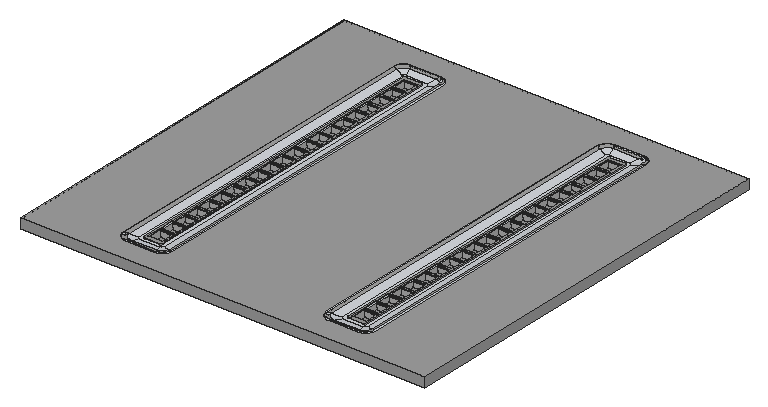
Revit family "0044009 Sylvania Lighting Fixture OptiClip 600 3000K C8 WH DALI WHITE", category Lighting Fixtures, host Face, Revit 2016
Family settings
  Host = Face
  Part Type = Normal
  Round Connector Dimension = Use Diameter
  OmniClass Number = 23.80.70.00
  OmniClass Title = Lighting
  Cut with Voids When Loaded = No
  Light Source = Yes
  Shared = No
  Room Calculation Point = No
Parameters (values of type "Type Name")
  spacer height = 5 mm
  spacer centres = 1000 mm
  height = 14.63 mm
  cut out width = 590 mm
  cut out length = 590 mm
  Width = 595 mm
  Weight = ""
  Wattage Comments = ""
  Wattage = 9.2903 W
  WarrantyStartDate [instance] = "n/a"
  WarrantyGuarantorParts = "n/a"
  WarrantyDurationUnit = "n/a"
  WarrantyDurationParts = "n/a"
  WarrantyDescription = "n/a"
  built-in parameter 1150110 = 1 (stored number, unit not read)
  Voltage = 0 V
  URL = "http://www.feilosylvania.com"
  TypeName = ""
  Type Image = <None>
  Type Comments = "n/a"
  built-in parameter 1114217 = 1 (stored number, unit not read)
  Tilt Angle = 90.00°
  built-in parameter 1150109 = 1 (stored number, unit not read)
  built-in parameter 1150134 = 3
  built-in parameter 1150113 = 1 (stored number, unit not read)
  SerialNumber [instance] = "n/a"
  Photometric Web File = "0044009.ies"
  Material_3_FEILO = none
  PowerFactor = 0
  PowerConsumption = ""
  NominalLength = 0 mm
  NominalHeight = 0 mm
  NominalDepth = 0 mm
  Name = ""
  ModelReference = Name  # ""
  ModelNumber = ""
  Model = Name  # ""
  Material = ""
  ManufacturerName = "Feilo Sylvania"
  Manufacturer = "Feilo Sylvania"
  LuminousEfficacy = ""
  built-in parameter 1150105 = 109.82 (stored number, unit not read)
  Lumens = 1380 lm
  LuminaireType = ""
  built-in parameter 1150115 = 1 (stored number, unit not read)
  LightOutputRatio = ""
  built-in parameter 1150137 = (empty or 0)
  built-in parameter 1150139 = (empty or 0)
  Length = 595 mm
  LampsType = Lamp  # ""
  LampNominalLuminous = ""
  LampMacAdamStep = ""
  LampColourTemperature = ""
  LampColourRenderingIndex = ""
  built-in parameter 1150112 = 1 (stored number, unit not read)
  built-in parameter 1150114 = 1 (stored number, unit not read)
  Lamp = ""
  Keynote = "16500"
  InstallationDate [instance] = "n/a"
  InputVoltage = ""
  InputNominalFrequency = ""
  built-in parameter 1150132 = (empty or 0)
  built-in parameter 1150102 = (empty or 0)
  built-in parameter 1150107 = 3200 (stored number, unit not read)
  built-in parameter 1150138 = (empty or 0)
  IngressProtection = ""
  ImpactProtectionIndex = ""
  built-in parameter 1150106 = 1.0982 (stored number, unit not read)
  IfcExportType = "IfcLightFixtureType"
  IfcExportAs = "IfcLightFixtureType"
  Height = 50 mm
  ExpectedLife = 50000
  Emit from Circle Diameter = 609.6 mm
  Emit Shape Visible in Rendering = no
  ElectricShockClassification = ""
  built-in parameter 1150104 = 13.8 (stored number, unit not read)
  DurationUnit = "hours"
  DocumentationLiterature = ""
  DimmingControlOptions = ""
  Material_2_FEILO = none
  Dimming Lamp Color Temperature Shift = <None>
  Description = ""
  Default Elevation = 1219.2 mm
  CreatedOn = ""
  CreatedBy = ""
  Cost = 0
  Color Filter = 16777215
  built-in parameter 1114216 [instance] = (empty or 0)
  ClassificationValue = "EF_70_80"
  ClassificationName = "Uniclass2015"
  Material_1_FEILO = none
  BarCode [instance] = "n/a"
  built-in parameter 1114218 = 1 (stored number, unit not read)
  built-in parameter 1150133 = 10 (stored number, unit not read)
  AssetType = ""
  AssetIdentifier [instance] = "n/a"
  Assembly Code = "D5020200"
  Apparent Load = 0 VA
  Material_4_FEILO = none
Reference planes
  plane 1 "Center (Front/Back)": y = 0
  plane 2: z = 0
  plane 3 "Center (Left/Right)": x = 0
  plane 4: z = 0
  plane 5: y = 297.5
  plane 6: y = -297.5
  plane 7: x = -297.5
  plane 8: x = 297.5
  plane 9: x = -295
  plane 10: x = 295
  plane 11: y = 295
  plane 12: y = -295
  plane 13: z = -14.63
  plane 14: y = 296.5
  plane 15: x = -296.5
  plane 16: x = 296.5
  plane 17: y = -296.5
  plane 18: x = -185
  plane 19: x = -113
  plane 20: y = -246.5
  plane 21: x = -184
  plane 22: y = 262
  plane 23: x = -114
  plane 24: y = -262
  plane 25: y = 245.5
  plane 26: y = -245.345
  plane 27: x = -160
  plane 28: x = -138
  plane 29: y = 236.5
  plane 30: y = -236.345
  plane 31: y = 213.35
  plane 32: y = 212.35
  plane 33: y = 190.95
  plane 34: y = 189.95
  plane 35: y = 168.595
  plane 36: y = 167.595
  plane 37: y = 146.15
  plane 38: y = 145.15
  plane 39: y = 123.75
  plane 40: y = 122.75
  plane 41: y = 101.35
  plane 42: y = 100.35
  plane 43: y = 78.95
  plane 44: y = 77.95
  plane 45: y = 56.576
  plane 46: y = 55.576
  plane 47: y = 34.15
  plane 48: y = 33.15
  plane 49: y = 11.75
  plane 50: y = 10.75
  plane 51: y = -10.65
  plane 52: y = -11.65
  plane 53: y = -33.05
  plane 54: y = -34.05
  plane 55: y = -55.45
  plane 56: y = -56.45
  plane 57: y = -77.805
  plane 58: y = -78.805
  plane 59: y = -100.25
  plane 60: y = -101.25
  plane 61: y = -122.65
  plane 62: y = -123.65
  plane 63: y = -145.05
  plane 64: y = -146.05
  plane 65: y = -167.45
  plane 66: y = -168.416
  plane 67: y = -189.816
  plane 68: y = -190.816
  plane 69: y = -212.216
  plane 70: y = -213.216
  plane 71: y = -234.616
  plane 72: x = -159.5
  plane 73: x = -138.539
  plane 74: y = 230.05
  plane 75: y = 218.05
  plane 76: x = -143.039
  plane 77: x = -155
  plane 78: x = -162.5
  plane 79: x = -135.5
  plane 80: y = 240.5
  plane 81: y = -240.345
  plane 82: y = 238
Forms (mm)
  Extrusion 1, void, detail levels medium+fine
    sketch origin (4.2, 0, 0) x (0, 1, 0) y (1, 0, 0)
      loop
        line (295, -299.2) -> (295, 290.8) -> (-295, 290.8) -> (-295, -299.2) -> (295, -299.2)
    from 0 to 10
  Extrusion 2, solid, material "Default", detail levels medium+fine
    sketch origin (4.2, 0, 0) x (1, 0, 0) y (0, 1, 0)
      loop
        line (-301.7, 297.5) -> (-301.7, -297.5) -> (293.3, -297.5) -> (293.3, 297.5) -> (-301.7, 297.5)
    from 0 to -14.63
  Extrusion 3, void, detail levels medium+fine
    sketch origin (4.2, 0, 0) x (0, 1, 0) y (1, 0, 0)
      loop
        line (296.5, -300.7) -> (296.5, 292.3) -> (-296.5, 292.3) -> (-296.5, -300.7) -> (296.5, -300.7)
    from 1.008 to 14.63
  Blend 4, solid, detail levels medium+fine
    base sketch origin (4.2, 0, 0) x (1, 0, 0) y (0, 1, 0)
      loop
        line (-189.2, 248) -> (-189.2, -248)
        arc (-189.2, -248) -> (-184.807, -258.607) -> (-174.2, -263) r 15
        line (-174.2, -263) -> (-132.2, -263)
        arc (-132.2, -263) -> (-121.593, -258.607) -> (-117.2, -248) r 15
        line (-117.2, -248) -> (-117.2, 248)
        arc (-117.2, 248) -> (-121.593, 258.607) -> (-132.2, 263) r 15
        line (-132.2, 263) -> (-174.2, 263)
        arc (-174.2, 263) -> (-184.807, 258.607) -> (-189.2, 248) r 15
    top sketch origin (4.2, 0, 0) x (1, 0, 0) y (0, 1, 0)
      loop
        line (-172.7, 242.5) -> (-172.7, -242.5)
        arc (-172.7, -242.5) -> (-171.517, -245.34) -> (-168.667, -246.5) r 4
        line (-168.667, -246.5) -> (-137.633, -246.5)
        arc (-137.633, -246.5) -> (-134.828, -245.324) -> (-133.7, -242.5) r 3.934
        line (-133.7, -242.5) -> (-133.7, 242.5)
        arc (-133.7, 242.5) -> (-134.982, 245.439) -> (-138.008, 246.5) r 4.011
        line (-138.008, 246.5) -> (-168.7, 246.5)
        arc (-168.7, 246.5) -> (-171.528, 245.328) -> (-172.7, 242.5) r 4
    from 0 to -4
  Blend 5, void
    base sketch origin (4.2, 0, 0) x (0, 1, 0) y (-1, 0, 0)
      loop
        line (248, 188.2) -> (-248, 188.2)
        arc (-248, 188.2) -> (-257.899, 184.099) -> (-262, 174.2) r 14
        line (-262, 174.2) -> (-262, 132.2)
        arc (-262, 132.2) -> (-257.899, 122.301) -> (-248, 118.2) r 14
        line (-248, 118.2) -> (248, 118.2)
        arc (248, 118.2) -> (257.899, 122.301) -> (262, 132.2) r 14
        line (262, 132.2) -> (262, 174.2)
        arc (262, 174.2) -> (257.899, 184.099) -> (248, 188.2) r 14
    top sketch origin (4.2, 0, 0) x (0, 1, 0) y (-1, 0, 0)
      loop
        line (242.5, 171.7) -> (-242.5, 171.7)
        arc (-242.5, 171.7) -> (-244.579, 170.8) -> (-245.345, 168.667) r 2.851
        line (-245.345, 168.667) -> (-245.345, 137.633)
        arc (-245.345, 137.633) -> (-244.517, 135.59) -> (-242.5, 134.7) r 2.934
        line (-242.5, 134.7) -> (242.5, 134.7)
        arc (242.5, 134.7) -> (244.733, 135.69) -> (245.5, 138.008) r 3.014
        line (245.5, 138.008) -> (245.5, 168.7)
        arc (245.5, 168.7) -> (244.621, 170.821) -> (242.5, 171.7) r 3
    from 0 to -3.5
  Extrusion 6, solid, material "Aluminum 1100-H18", detail levels medium+fine
    sketch origin (4.2, 0, 0) x (1, 0, 0) y (0, 1, 0)
      loop
        line (-164.2, 236.5) -> (-164.2, -236.345) -> (-142.2, -236.345) -> (-142.2, 236.5) -> (-164.2, 236.5)
    from -4 to -14.63
  Extrusion 7, solid, material "Aluminum 1100-H18", detail levels medium+fine
    sketch origin (4.2, 0, 0) x (1, 0, 0) y (0, 1, 0)
      loop
        line (-166.7, 238) -> (-166.7, -238.071)
        arc (-166.7, -238.071) -> (-165.953, -239.761) -> (-164.2, -240.345) r 2.284
        line (-164.2, -240.345) -> (-142.156, -240.345)
        arc (-142.156, -240.345) -> (-140.483, -239.689) -> (-139.7, -238.071) r 2.464
        line (-139.7, -238.071) -> (-139.7, 238)
        arc (-139.7, 238) -> (-140.432, 239.768) -> (-142.2, 240.5) r 2.5
        line (-142.2, 240.5) -> (-164.2, 240.5)
        arc (-164.2, 240.5) -> (-165.968, 239.768) -> (-166.7, 238) r 2.5
    from -3.5 to -2.5
  Blend 8, void
    base sketch origin (4.2, 0, 0) x (0, 1, 0) y (-1, 0, 0)
      loop
        line (234.75, 163.7) -> (213.35, 163.7) -> (213.35, 142.739) -> (234.75, 142.739) -> (234.75, 163.7)
    top sketch origin (4.2, 0, 0) x (0, 1, 0) y (-1, 0, 0)
      loop
        line (230.05, 159.2) -> (218.05, 159.2) -> (218.05, 147.239) -> (230.05, 147.239) -> (230.05, 159.2)
    from -2.5 to -11
  Blend 9, void
    base sketch origin (4.2, -22.4, 0) x (0, 1, 0) y (-1, 0, 0)
      loop
        line (234.75, 163.7) -> (213.35, 163.7) -> (213.35, 142.739) -> (234.75, 142.739) -> (234.75, 163.7)
    top sketch origin (4.2, -22.4, 0) x (0, 1, 0) y (-1, 0, 0)
      loop
        line (230.05, 159.2) -> (218.05, 159.2) -> (218.05, 147.239) -> (230.05, 147.239) -> (230.05, 159.2)
    from -2.5 to -11
  Blend 10, void
    base sketch origin (4.2, -44.8, 0) x (0, 1, 0) y (-1, 0, 0)
      loop
        line (234.75, 163.7) -> (213.35, 163.7) -> (213.35, 142.739) -> (234.75, 142.739) -> (234.75, 163.7)
    top sketch origin (4.2, -44.8, 0) x (0, 1, 0) y (-1, 0, 0)
      loop
        line (230.05, 159.2) -> (218.05, 159.2) -> (218.05, 147.239) -> (230.05, 147.239) -> (230.05, 159.2)
    from -2.5 to -11
  Blend 11, void
    base sketch origin (4.2, -67.155, 0) x (0, 1, 0) y (-1, 0, 0)
      loop
        line (234.75, 163.7) -> (213.35, 163.7) -> (213.35, 142.739) -> (234.75, 142.739) -> (234.75, 163.7)
    top sketch origin (4.2, -67.155, 0) x (0, 1, 0) y (-1, 0, 0)
      loop
        line (230.05, 159.2) -> (218.05, 159.2) -> (218.05, 147.239) -> (230.05, 147.239) -> (230.05, 159.2)
    from -2.5 to -11
  Blend 12, void
    base sketch origin (4.2, -89.6, 0) x (0, 1, 0) y (-1, 0, 0)
      loop
        line (234.75, 163.7) -> (213.35, 163.7) -> (213.35, 142.739) -> (234.75, 142.739) -> (234.75, 163.7)
    top sketch origin (4.2, -89.6, 0) x (0, 1, 0) y (-1, 0, 0)
      loop
        line (230.05, 159.2) -> (218.05, 159.2) -> (218.05, 147.239) -> (230.05, 147.239) -> (230.05, 159.2)
    from -2.5 to -11
  Blend 13, void
    base sketch origin (4.2, -112, 0) x (0, 1, 0) y (-1, 0, 0)
      loop
        line (234.75, 163.7) -> (213.35, 163.7) -> (213.35, 142.739) -> (234.75, 142.739) -> (234.75, 163.7)
    top sketch origin (4.2, -112, 0) x (0, 1, 0) y (-1, 0, 0)
      loop
        line (230.05, 159.2) -> (218.05, 159.2) -> (218.05, 147.239) -> (230.05, 147.239) -> (230.05, 159.2)
    from -2.5 to -11
  Blend 14, void
    base sketch origin (4.2, -134.4, 0) x (0, 1, 0) y (-1, 0, 0)
      loop
        line (234.75, 163.7) -> (213.35, 163.7) -> (213.35, 142.739) -> (234.75, 142.739) -> (234.75, 163.7)
    top sketch origin (4.2, -134.4, 0) x (0, 1, 0) y (-1, 0, 0)
      loop
        line (230.05, 159.2) -> (218.05, 159.2) -> (218.05, 147.239) -> (230.05, 147.239) -> (230.05, 159.2)
    from -2.5 to -11
  Blend 15, void
    base sketch origin (4.2, -156.8, 0) x (0, 1, 0) y (-1, 0, 0)
      loop
        line (234.75, 163.7) -> (213.35, 163.7) -> (213.35, 142.739) -> (234.75, 142.739) -> (234.75, 163.7)
    top sketch origin (4.2, -156.8, 0) x (0, 1, 0) y (-1, 0, 0)
      loop
        line (230.05, 159.2) -> (218.05, 159.2) -> (218.05, 147.239) -> (230.05, 147.239) -> (230.05, 159.2)
    from -2.5 to -11
  Blend 16, void
    base sketch origin (4.2, -179.174, 0) x (0, 1, 0) y (-1, 0, 0)
      loop
        line (234.75, 163.7) -> (213.35, 163.7) -> (213.35, 142.739) -> (234.75, 142.739) -> (234.75, 163.7)
    top sketch origin (4.2, -179.174, 0) x (0, 1, 0) y (-1, 0, 0)
      loop
        line (230.05, 159.2) -> (218.05, 159.2) -> (218.05, 147.239) -> (230.05, 147.239) -> (230.05, 159.2)
    from -2.5 to -11
  Blend 17, void
    base sketch origin (4.2, -201.6, 0) x (0, 1, 0) y (-1, 0, 0)
      loop
        line (234.75, 163.7) -> (213.35, 163.7) -> (213.35, 142.739) -> (234.75, 142.739) -> (234.75, 163.7)
    top sketch origin (4.2, -201.6, 0) x (0, 1, 0) y (-1, 0, 0)
      loop
        line (230.05, 159.2) -> (218.05, 159.2) -> (218.05, 147.239) -> (230.05, 147.239) -> (230.05, 159.2)
    from -2.5 to -11
  Blend 18, void
    base sketch origin (4.2, -224, 0) x (0, 1, 0) y (-1, 0, 0)
      loop
        line (234.75, 163.7) -> (213.35, 163.7) -> (213.35, 142.739) -> (234.75, 142.739) -> (234.75, 163.7)
    top sketch origin (4.2, -224, 0) x (0, 1, 0) y (-1, 0, 0)
      loop
        line (230.05, 159.2) -> (218.05, 159.2) -> (218.05, 147.239) -> (230.05, 147.239) -> (230.05, 159.2)
    from -2.5 to -11
  Blend 19, void
    base sketch origin (4.2, -246.4, 0) x (0, 1, 0) y (-1, 0, 0)
      loop
        line (234.75, 163.7) -> (213.35, 163.7) -> (213.35, 142.739) -> (234.75, 142.739) -> (234.75, 163.7)
    top sketch origin (4.2, -246.4, 0) x (0, 1, 0) y (-1, 0, 0)
      loop
        line (230.05, 159.2) -> (218.05, 159.2) -> (218.05, 147.239) -> (230.05, 147.239) -> (230.05, 159.2)
    from -2.5 to -11
  Blend 20, void
    base sketch origin (4.2, -268.8, 0) x (0, 1, 0) y (-1, 0, 0)
      loop
        line (234.75, 163.7) -> (213.35, 163.7) -> (213.35, 142.739) -> (234.75, 142.739) -> (234.75, 163.7)
    top sketch origin (4.2, -268.8, 0) x (0, 1, 0) y (-1, 0, 0)
      loop
        line (230.05, 159.2) -> (218.05, 159.2) -> (218.05, 147.239) -> (230.05, 147.239) -> (230.05, 159.2)
    from -2.5 to -11
  Blend 21, void
    base sketch origin (4.2, -291.2, 0) x (0, 1, 0) y (-1, 0, 0)
      loop
        line (234.75, 163.7) -> (213.35, 163.7) -> (213.35, 142.739) -> (234.75, 142.739) -> (234.75, 163.7)
    top sketch origin (4.2, -291.2, 0) x (0, 1, 0) y (-1, 0, 0)
      loop
        line (230.05, 159.2) -> (218.05, 159.2) -> (218.05, 147.239) -> (230.05, 147.239) -> (230.05, 159.2)
    from -2.5 to -11
  Blend 22, void
    base sketch origin (4.2, -313.555, 0) x (0, 1, 0) y (-1, 0, 0)
      loop
        line (234.75, 163.7) -> (213.35, 163.7) -> (213.35, 142.739) -> (234.75, 142.739) -> (234.75, 163.7)
    top sketch origin (4.2, -313.555, 0) x (0, 1, 0) y (-1, 0, 0)
      loop
        line (230.05, 159.2) -> (218.05, 159.2) -> (218.05, 147.239) -> (230.05, 147.239) -> (230.05, 159.2)
    from -2.5 to -11
  Blend 23, void
    base sketch origin (4.2, -336, 0) x (0, 1, 0) y (-1, 0, 0)
      loop
        line (234.75, 163.7) -> (213.35, 163.7) -> (213.35, 142.739) -> (234.75, 142.739) -> (234.75, 163.7)
    top sketch origin (4.2, -336, 0) x (0, 1, 0) y (-1, 0, 0)
      loop
        line (230.05, 159.2) -> (218.05, 159.2) -> (218.05, 147.239) -> (230.05, 147.239) -> (230.05, 159.2)
    from -2.5 to -11
  Blend 24, void
    base sketch origin (4.2, -358.4, 0) x (0, 1, 0) y (-1, 0, 0)
      loop
        line (234.75, 163.7) -> (213.35, 163.7) -> (213.35, 142.739) -> (234.75, 142.739) -> (234.75, 163.7)
    top sketch origin (4.2, -358.4, 0) x (0, 1, 0) y (-1, 0, 0)
      loop
        line (230.05, 159.2) -> (218.05, 159.2) -> (218.05, 147.239) -> (230.05, 147.239) -> (230.05, 159.2)
    from -2.5 to -11
  Blend 25, void
    base sketch origin (4.2, -380.8, 0) x (0, 1, 0) y (-1, 0, 0)
      loop
        line (234.75, 163.7) -> (213.35, 163.7) -> (213.35, 142.739) -> (234.75, 142.739) -> (234.75, 163.7)
    top sketch origin (4.2, -380.8, 0) x (0, 1, 0) y (-1, 0, 0)
      loop
        line (230.05, 159.2) -> (218.05, 159.2) -> (218.05, 147.239) -> (230.05, 147.239) -> (230.05, 159.2)
    from -2.5 to -11
  Extrusion 26, solid, material "Glass, White, High Luminance", detail levels fine
    sketch origin (4.2, 0, 0) x (1, 0, 0) y (0, 1, 0)
      loop
        line (-159.2, 230.05) -> (-159.2, 218.05) -> (-147.239, 218.05) -> (-147.239, 230.05) -> (-159.2, 230.05)
    from -11 to -10
  Extrusion 27, solid, material "Glass, White, High Luminance", detail levels fine
    sketch origin (4.2, -22.4, 0) x (1, 0, 0) y (0, 1, 0)
      loop
        line (-159.2, 230.05) -> (-159.2, 218.05) -> (-147.239, 218.05) -> (-147.239, 230.05) -> (-159.2, 230.05)
    from -11 to -10
  Extrusion 28, solid, material "Glass, White, High Luminance", detail levels fine
    sketch origin (4.2, -44.8, 0) x (1, 0, 0) y (0, 1, 0)
      loop
        line (-159.2, 230.05) -> (-159.2, 218.05) -> (-147.239, 218.05) -> (-147.239, 230.05) -> (-159.2, 230.05)
    from -11 to -10
  Extrusion 29, solid, material "Glass, White, High Luminance", detail levels fine
    sketch origin (4.2, -67.155, 0) x (1, 0, 0) y (0, 1, 0)
      loop
        line (-159.2, 230.05) -> (-159.2, 218.05) -> (-147.239, 218.05) -> (-147.239, 230.05) -> (-159.2, 230.05)
    from -11 to -10
  Extrusion 30, solid, material "Glass, White, High Luminance", detail levels fine
    sketch origin (4.2, -89.6, 0) x (1, 0, 0) y (0, 1, 0)
      loop
        line (-159.2, 230.05) -> (-159.2, 218.05) -> (-147.239, 218.05) -> (-147.239, 230.05) -> (-159.2, 230.05)
    from -11 to -10
  Extrusion 31, solid, material "Glass, White, High Luminance", detail levels fine
    sketch origin (4.2, -112, 0) x (1, 0, 0) y (0, 1, 0)
      loop
        line (-159.2, 230.05) -> (-159.2, 218.05) -> (-147.239, 218.05) -> (-147.239, 230.05) -> (-159.2, 230.05)
    from -11 to -10
  Extrusion 32, solid, material "Glass, White, High Luminance", detail levels fine
    sketch origin (4.2, -134.4, 0) x (1, 0, 0) y (0, 1, 0)
      loop
        line (-159.2, 230.05) -> (-159.2, 218.05) -> (-147.239, 218.05) -> (-147.239, 230.05) -> (-159.2, 230.05)
    from -11 to -10
  Extrusion 33, solid, material "Glass, White, High Luminance", detail levels fine
    sketch origin (4.2, -156.8, 0) x (1, 0, 0) y (0, 1, 0)
      loop
        line (-159.2, 230.05) -> (-159.2, 218.05) -> (-147.239, 218.05) -> (-147.239, 230.05) -> (-159.2, 230.05)
    from -11 to -10
  Extrusion 34, solid, material "Glass, White, High Luminance", detail levels fine
    sketch origin (4.2, -179.174, 0) x (1, 0, 0) y (0, 1, 0)
      loop
        line (-159.2, 230.05) -> (-159.2, 218.05) -> (-147.239, 218.05) -> (-147.239, 230.05) -> (-159.2, 230.05)
    from -11 to -10
  Extrusion 35, solid, material "Glass, White, High Luminance", detail levels fine
    sketch origin (4.2, -201.6, 0) x (1, 0, 0) y (0, 1, 0)
      loop
        line (-159.2, 230.05) -> (-159.2, 218.05) -> (-147.239, 218.05) -> (-147.239, 230.05) -> (-159.2, 230.05)
    from -11 to -10
  Extrusion 36, solid, material "Glass, White, High Luminance", detail levels fine
    sketch origin (4.2, -224, 0) x (1, 0, 0) y (0, 1, 0)
      loop
        line (-159.2, 230.05) -> (-159.2, 218.05) -> (-147.239, 218.05) -> (-147.239, 230.05) -> (-159.2, 230.05)
    from -11 to -10
  Extrusion 37, solid, material "Glass, White, High Luminance", detail levels fine
    sketch origin (4.2, -246.4, 0) x (1, 0, 0) y (0, 1, 0)
      loop
        line (-159.2, 230.05) -> (-159.2, 218.05) -> (-147.239, 218.05) -> (-147.239, 230.05) -> (-159.2, 230.05)
    from -11 to -10
  Extrusion 38, solid, material "Glass, White, High Luminance", detail levels fine
    sketch origin (4.2, -268.8, 0) x (1, 0, 0) y (0, 1, 0)
      loop
        line (-159.2, 230.05) -> (-159.2, 218.05) -> (-147.239, 218.05) -> (-147.239, 230.05) -> (-159.2, 230.05)
    from -11 to -10
  Extrusion 39, solid, material "Glass, White, High Luminance", detail levels fine
    sketch origin (4.2, -291.2, 0) x (1, 0, 0) y (0, 1, 0)
      loop
        line (-159.2, 230.05) -> (-159.2, 218.05) -> (-147.239, 218.05) -> (-147.239, 230.05) -> (-159.2, 230.05)
    from -11 to -10
  Extrusion 40, solid, material "Glass, White, High Luminance", detail levels fine
    sketch origin (4.2, -313.555, 0) x (1, 0, 0) y (0, 1, 0)
      loop
        line (-159.2, 230.05) -> (-159.2, 218.05) -> (-147.239, 218.05) -> (-147.239, 230.05) -> (-159.2, 230.05)
    from -11 to -10
  Extrusion 41, solid, material "Glass, White, High Luminance", detail levels fine
    sketch origin (4.2, -336, 0) x (1, 0, 0) y (0, 1, 0)
      loop
        line (-159.2, 230.05) -> (-159.2, 218.05) -> (-147.239, 218.05) -> (-147.239, 230.05) -> (-159.2, 230.05)
    from -11 to -10
  Extrusion 42, solid, material "Glass, White, High Luminance", detail levels fine
    sketch origin (4.2, -358.4, 0) x (1, 0, 0) y (0, 1, 0)
      loop
        line (-159.2, 230.05) -> (-159.2, 218.05) -> (-147.239, 218.05) -> (-147.239, 230.05) -> (-159.2, 230.05)
    from -11 to -10
  Extrusion 43, solid, material "Glass, White, High Luminance", detail levels fine
    sketch origin (4.2, -380.8, 0) x (1, 0, 0) y (0, 1, 0)
      loop
        line (-159.2, 230.05) -> (-159.2, 218.05) -> (-147.239, 218.05) -> (-147.239, 230.05) -> (-159.2, 230.05)
    from -11 to -10
  Extrusion 44, solid, material "Glass, White, High Luminance", detail levels fine
    sketch origin (3.419, -403.166, 0) x (1, 0, 0) y (0, 1, 0)
      loop
        line (-158.419, 230.05) -> (-158.419, 218.05) -> (-146.458, 218.05) -> (-146.458, 230.05) -> (-158.419, 230.05)
    from -11 to -10
  Extrusion 45, solid, material "Glass, White, High Luminance", detail levels fine
    sketch origin (3.419, -425.566, 0) x (1, 0, 0) y (0, 1, 0)
      loop
        line (-158.419, 230.05) -> (-158.419, 218.05) -> (-146.458, 218.05) -> (-146.458, 230.05) -> (-158.419, 230.05)
    from -11 to -10
  Extrusion 46, solid, material "Glass, White, High Luminance", detail levels fine
    sketch origin (3.419, -447.966, 0) x (1, 0, 0) y (0, 1, 0)
      loop
        line (-158.419, 230.05) -> (-158.419, 218.05) -> (-146.458, 218.05) -> (-146.458, 230.05) -> (-158.419, 230.05)
    from -11 to -10
  Blend 47, solid, detail levels medium+fine
    base sketch origin (303.2, 0, 0) x (1, 0, 0) y (0, 1, 0)
      loop
        line (-189.2, 248) -> (-189.2, -248)
        arc (-189.2, -248) -> (-184.807, -258.607) -> (-174.2, -263) r 15
        line (-174.2, -263) -> (-132.2, -263)
        arc (-132.2, -263) -> (-121.593, -258.607) -> (-117.2, -248) r 15
        line (-117.2, -248) -> (-117.2, 248)
        arc (-117.2, 248) -> (-121.593, 258.607) -> (-132.2, 263) r 15
        line (-132.2, 263) -> (-174.2, 263)
        arc (-174.2, 263) -> (-184.807, 258.607) -> (-189.2, 248) r 15
    top sketch origin (303.2, 0, 0) x (1, 0, 0) y (0, 1, 0)
      loop
        line (-172.7, 242.5) -> (-172.7, -242.5)
        arc (-172.7, -242.5) -> (-171.517, -245.34) -> (-168.667, -246.5) r 4
        line (-168.667, -246.5) -> (-137.633, -246.5)
        arc (-137.633, -246.5) -> (-134.828, -245.324) -> (-133.7, -242.5) r 3.934
        line (-133.7, -242.5) -> (-133.7, 242.5)
        arc (-133.7, 242.5) -> (-134.982, 245.439) -> (-138.008, 246.5) r 4.011
        line (-138.008, 246.5) -> (-168.7, 246.5)
        arc (-168.7, 246.5) -> (-171.528, 245.328) -> (-172.7, 242.5) r 4
    from 0 to -4
  Blend 48, void
    base sketch origin (303.2, 0, 0) x (0, 1, 0) y (-1, 0, 0)
      loop
        line (248, 188.2) -> (-248, 188.2)
        arc (-248, 188.2) -> (-257.899, 184.099) -> (-262, 174.2) r 14
        line (-262, 174.2) -> (-262, 132.2)
        arc (-262, 132.2) -> (-257.899, 122.301) -> (-248, 118.2) r 14
        line (-248, 118.2) -> (248, 118.2)
        arc (248, 118.2) -> (257.899, 122.301) -> (262, 132.2) r 14
        line (262, 132.2) -> (262, 174.2)
        arc (262, 174.2) -> (257.899, 184.099) -> (248, 188.2) r 14
    top sketch origin (303.2, 0, 0) x (0, 1, 0) y (-1, 0, 0)
      loop
        line (242.5, 171.7) -> (-242.5, 171.7)
        arc (-242.5, 171.7) -> (-244.579, 170.8) -> (-245.345, 168.667) r 2.851
        line (-245.345, 168.667) -> (-245.345, 137.633)
        arc (-245.345, 137.633) -> (-244.517, 135.59) -> (-242.5, 134.7) r 2.934
        line (-242.5, 134.7) -> (242.5, 134.7)
        arc (242.5, 134.7) -> (244.733, 135.69) -> (245.5, 138.008) r 3.014
        line (245.5, 138.008) -> (245.5, 168.7)
        arc (245.5, 168.7) -> (244.621, 170.821) -> (242.5, 171.7) r 3
    from 0 to -3.5
  Extrusion 49, solid, material "Aluminum 1100-H18", detail levels medium+fine
    sketch origin (304.2, 0, 0) x (1, 0, 0) y (0, 1, 0)
      loop
        line (-164.2, 236.5) -> (-164.2, -236.345) -> (-142.2, -236.345) -> (-142.2, 236.5) -> (-164.2, 236.5)
    from -4 to -14.63
  Blend 50, void
    base sketch origin (4.2, -403.166, 0) x (0, 1, 0) y (-1, 0, 0)
      loop
        line (234.75, 163.7) -> (213.35, 163.7) -> (213.35, 142.739) -> (234.75, 142.739) -> (234.75, 163.7)
    top sketch origin (4.2, -403.166, 0) x (0, 1, 0) y (-1, 0, 0)
      loop
        line (230.05, 159.2) -> (218.05, 159.2) -> (218.05, 147.239) -> (230.05, 147.239) -> (230.05, 159.2)
    from -2.5 to -11
  Blend 51, void
    base sketch origin (4.2, -425.566, 0) x (0, 1, 0) y (-1, 0, 0)
      loop
        line (234.75, 163.7) -> (213.35, 163.7) -> (213.35, 142.739) -> (234.75, 142.739) -> (234.75, 163.7)
    top sketch origin (4.2, -425.566, 0) x (0, 1, 0) y (-1, 0, 0)
      loop
        line (230.05, 159.2) -> (218.05, 159.2) -> (218.05, 147.239) -> (230.05, 147.239) -> (230.05, 159.2)
    from -2.5 to -11
  Blend 52, void
    base sketch origin (4.2, -447.966, 0) x (0, 1, 0) y (-1, 0, 0)
      loop
        line (234.75, 163.7) -> (213.35, 163.7) -> (213.35, 142.739) -> (234.75, 142.739) -> (234.75, 163.7)
    top sketch origin (4.2, -447.966, 0) x (0, 1, 0) y (-1, 0, 0)
      loop
        line (230.05, 159.2) -> (218.05, 159.2) -> (218.05, 147.239) -> (230.05, 147.239) -> (230.05, 159.2)
    from -2.5 to -11
  Extrusion 53, solid, material "Aluminum 1100-H18", detail levels medium+fine
    sketch origin (304.2, 0, 0) x (1, 0, 0) y (0, 1, 0)
      loop
        line (-166.7, 238) -> (-166.7, -238.071)
        arc (-166.7, -238.071) -> (-165.953, -239.761) -> (-164.2, -240.345) r 2.284
        line (-164.2, -240.345) -> (-142.156, -240.345)
        arc (-142.156, -240.345) -> (-140.483, -239.689) -> (-139.7, -238.071) r 2.464
        line (-139.7, -238.071) -> (-139.7, 238)
        arc (-139.7, 238) -> (-140.432, 239.768) -> (-142.2, 240.5) r 2.5
        line (-142.2, 240.5) -> (-164.2, 240.5)
        arc (-164.2, 240.5) -> (-165.968, 239.768) -> (-166.7, 238) r 2.5
    from -3.5 to -2.5
  Blend 54, void
    base sketch origin (304.2, 0, 0) x (0, 1, 0) y (-1, 0, 0)
      loop
        line (234.75, 163.7) -> (213.35, 163.7) -> (213.35, 142.739) -> (234.75, 142.739) -> (234.75, 163.7)
    top sketch origin (304.2, 0, 0) x (0, 1, 0) y (-1, 0, 0)
      loop
        line (230.05, 159.2) -> (218.05, 159.2) -> (218.05, 147.239) -> (230.05, 147.239) -> (230.05, 159.2)
    from -2.5 to -11
  Blend 55, void
    base sketch origin (304.2, -22.4, 0) x (0, 1, 0) y (-1, 0, 0)
      loop
        line (234.75, 163.7) -> (213.35, 163.7) -> (213.35, 142.739) -> (234.75, 142.739) -> (234.75, 163.7)
    top sketch origin (304.2, -22.4, 0) x (0, 1, 0) y (-1, 0, 0)
      loop
        line (230.05, 159.2) -> (218.05, 159.2) -> (218.05, 147.239) -> (230.05, 147.239) -> (230.05, 159.2)
    from -2.5 to -11
  Blend 56, void
    base sketch origin (304.2, -44.8, 0) x (0, 1, 0) y (-1, 0, 0)
      loop
        line (234.75, 163.7) -> (213.35, 163.7) -> (213.35, 142.739) -> (234.75, 142.739) -> (234.75, 163.7)
    top sketch origin (304.2, -44.8, 0) x (0, 1, 0) y (-1, 0, 0)
      loop
        line (230.05, 159.2) -> (218.05, 159.2) -> (218.05, 147.239) -> (230.05, 147.239) -> (230.05, 159.2)
    from -2.5 to -11
  Blend 57, void
    base sketch origin (304.2, -67.155, 0) x (0, 1, 0) y (-1, 0, 0)
      loop
        line (234.75, 163.7) -> (213.35, 163.7) -> (213.35, 142.739) -> (234.75, 142.739) -> (234.75, 163.7)
    top sketch origin (304.2, -67.155, 0) x (0, 1, 0) y (-1, 0, 0)
      loop
        line (230.05, 159.2) -> (218.05, 159.2) -> (218.05, 147.239) -> (230.05, 147.239) -> (230.05, 159.2)
    from -2.5 to -11
  Blend 58, void
    base sketch origin (304.2, -89.6, 0) x (0, 1, 0) y (-1, 0, 0)
      loop
        line (234.75, 163.7) -> (213.35, 163.7) -> (213.35, 142.739) -> (234.75, 142.739) -> (234.75, 163.7)
    top sketch origin (304.2, -89.6, 0) x (0, 1, 0) y (-1, 0, 0)
      loop
        line (230.05, 159.2) -> (218.05, 159.2) -> (218.05, 147.239) -> (230.05, 147.239) -> (230.05, 159.2)
    from -2.5 to -11
  Blend 59, void
    base sketch origin (304.2, -112, 0) x (0, 1, 0) y (-1, 0, 0)
      loop
        line (234.75, 163.7) -> (213.35, 163.7) -> (213.35, 142.739) -> (234.75, 142.739) -> (234.75, 163.7)
    top sketch origin (304.2, -112, 0) x (0, 1, 0) y (-1, 0, 0)
      loop
        line (230.05, 159.2) -> (218.05, 159.2) -> (218.05, 147.239) -> (230.05, 147.239) -> (230.05, 159.2)
    from -2.5 to -11
  Blend 60, void
    base sketch origin (304.2, -134.4, 0) x (0, 1, 0) y (-1, 0, 0)
      loop
        line (234.75, 163.7) -> (213.35, 163.7) -> (213.35, 142.739) -> (234.75, 142.739) -> (234.75, 163.7)
    top sketch origin (304.2, -134.4, 0) x (0, 1, 0) y (-1, 0, 0)
      loop
        line (230.05, 159.2) -> (218.05, 159.2) -> (218.05, 147.239) -> (230.05, 147.239) -> (230.05, 159.2)
    from -2.5 to -11
  Blend 61, void
    base sketch origin (304.2, -156.8, 0) x (0, 1, 0) y (-1, 0, 0)
      loop
        line (234.75, 163.7) -> (213.35, 163.7) -> (213.35, 142.739) -> (234.75, 142.739) -> (234.75, 163.7)
    top sketch origin (304.2, -156.8, 0) x (0, 1, 0) y (-1, 0, 0)
      loop
        line (230.05, 159.2) -> (218.05, 159.2) -> (218.05, 147.239) -> (230.05, 147.239) -> (230.05, 159.2)
    from -2.5 to -11
  Blend 62, void
    base sketch origin (304.2, -179.174, 0) x (0, 1, 0) y (-1, 0, 0)
      loop
        line (234.75, 163.7) -> (213.35, 163.7) -> (213.35, 142.739) -> (234.75, 142.739) -> (234.75, 163.7)
    top sketch origin (304.2, -179.174, 0) x (0, 1, 0) y (-1, 0, 0)
      loop
        line (230.05, 159.2) -> (218.05, 159.2) -> (218.05, 147.239) -> (230.05, 147.239) -> (230.05, 159.2)
    from -2.5 to -11
  Blend 63, void
    base sketch origin (304.2, -201.6, 0) x (0, 1, 0) y (-1, 0, 0)
      loop
        line (234.75, 163.7) -> (213.35, 163.7) -> (213.35, 142.739) -> (234.75, 142.739) -> (234.75, 163.7)
    top sketch origin (304.2, -201.6, 0) x (0, 1, 0) y (-1, 0, 0)
      loop
        line (230.05, 159.2) -> (218.05, 159.2) -> (218.05, 147.239) -> (230.05, 147.239) -> (230.05, 159.2)
    from -2.5 to -11
  Blend 64, void
    base sketch origin (304.2, -224, 0) x (0, 1, 0) y (-1, 0, 0)
      loop
        line (234.75, 163.7) -> (213.35, 163.7) -> (213.35, 142.739) -> (234.75, 142.739) -> (234.75, 163.7)
    top sketch origin (304.2, -224, 0) x (0, 1, 0) y (-1, 0, 0)
      loop
        line (230.05, 159.2) -> (218.05, 159.2) -> (218.05, 147.239) -> (230.05, 147.239) -> (230.05, 159.2)
    from -2.5 to -11
  Blend 65, void
    base sketch origin (304.2, -246.4, 0) x (0, 1, 0) y (-1, 0, 0)
      loop
        line (234.75, 163.7) -> (213.35, 163.7) -> (213.35, 142.739) -> (234.75, 142.739) -> (234.75, 163.7)
    top sketch origin (304.2, -246.4, 0) x (0, 1, 0) y (-1, 0, 0)
      loop
        line (230.05, 159.2) -> (218.05, 159.2) -> (218.05, 147.239) -> (230.05, 147.239) -> (230.05, 159.2)
    from -2.5 to -11
  Blend 66, void
    base sketch origin (304.2, -268.8, 0) x (0, 1, 0) y (-1, 0, 0)
      loop
        line (234.75, 163.7) -> (213.35, 163.7) -> (213.35, 142.739) -> (234.75, 142.739) -> (234.75, 163.7)
    top sketch origin (304.2, -268.8, 0) x (0, 1, 0) y (-1, 0, 0)
      loop
        line (230.05, 159.2) -> (218.05, 159.2) -> (218.05, 147.239) -> (230.05, 147.239) -> (230.05, 159.2)
    from -2.5 to -11
  Blend 67, void
    base sketch origin (304.2, -291.2, 0) x (0, 1, 0) y (-1, 0, 0)
      loop
        line (234.75, 163.7) -> (213.35, 163.7) -> (213.35, 142.739) -> (234.75, 142.739) -> (234.75, 163.7)
    top sketch origin (304.2, -291.2, 0) x (0, 1, 0) y (-1, 0, 0)
      loop
        line (230.05, 159.2) -> (218.05, 159.2) -> (218.05, 147.239) -> (230.05, 147.239) -> (230.05, 159.2)
    from -2.5 to -11
  Blend 68, void
    base sketch origin (304.2, -313.555, 0) x (0, 1, 0) y (-1, 0, 0)
      loop
        line (234.75, 163.7) -> (213.35, 163.7) -> (213.35, 142.739) -> (234.75, 142.739) -> (234.75, 163.7)
    top sketch origin (304.2, -313.555, 0) x (0, 1, 0) y (-1, 0, 0)
      loop
        line (230.05, 159.2) -> (218.05, 159.2) -> (218.05, 147.239) -> (230.05, 147.239) -> (230.05, 159.2)
    from -2.5 to -11
  Blend 69, void
    base sketch origin (304.2, -336, 0) x (0, 1, 0) y (-1, 0, 0)
      loop
        line (234.75, 163.7) -> (213.35, 163.7) -> (213.35, 142.739) -> (234.75, 142.739) -> (234.75, 163.7)
    top sketch origin (304.2, -336, 0) x (0, 1, 0) y (-1, 0, 0)
      loop
        line (230.05, 159.2) -> (218.05, 159.2) -> (218.05, 147.239) -> (230.05, 147.239) -> (230.05, 159.2)
    from -2.5 to -11
  Blend 70, void
    base sketch origin (304.2, -358.4, 0) x (0, 1, 0) y (-1, 0, 0)
      loop
        line (234.75, 163.7) -> (213.35, 163.7) -> (213.35, 142.739) -> (234.75, 142.739) -> (234.75, 163.7)
    top sketch origin (304.2, -358.4, 0) x (0, 1, 0) y (-1, 0, 0)
      loop
        line (230.05, 159.2) -> (218.05, 159.2) -> (218.05, 147.239) -> (230.05, 147.239) -> (230.05, 159.2)
    from -2.5 to -11
  Blend 71, void
    base sketch origin (304.2, -380.8, 0) x (0, 1, 0) y (-1, 0, 0)
      loop
        line (234.75, 163.7) -> (213.35, 163.7) -> (213.35, 142.739) -> (234.75, 142.739) -> (234.75, 163.7)
    top sketch origin (304.2, -380.8, 0) x (0, 1, 0) y (-1, 0, 0)
      loop
        line (230.05, 159.2) -> (218.05, 159.2) -> (218.05, 147.239) -> (230.05, 147.239) -> (230.05, 159.2)
    from -2.5 to -11
  Blend 72, void
    base sketch origin (304.2, -403.166, 0) x (0, 1, 0) y (-1, 0, 0)
      loop
        line (234.75, 163.7) -> (213.35, 163.7) -> (213.35, 142.739) -> (234.75, 142.739) -> (234.75, 163.7)
    top sketch origin (304.2, -403.166, 0) x (0, 1, 0) y (-1, 0, 0)
      loop
        line (230.05, 159.2) -> (218.05, 159.2) -> (218.05, 147.239) -> (230.05, 147.239) -> (230.05, 159.2)
    from -2.5 to -11
  Blend 73, void
    base sketch origin (304.2, -425.566, 0) x (0, 1, 0) y (-1, 0, 0)
      loop
        line (234.75, 163.7) -> (213.35, 163.7) -> (213.35, 142.739) -> (234.75, 142.739) -> (234.75, 163.7)
    top sketch origin (304.2, -425.566, 0) x (0, 1, 0) y (-1, 0, 0)
      loop
        line (230.05, 159.2) -> (218.05, 159.2) -> (218.05, 147.239) -> (230.05, 147.239) -> (230.05, 159.2)
    from -2.5 to -11
  Blend 74, void
    base sketch origin (304.2, -447.966, 0) x (0, 1, 0) y (-1, 0, 0)
      loop
        line (234.75, 163.7) -> (213.35, 163.7) -> (213.35, 142.739) -> (234.75, 142.739) -> (234.75, 163.7)
    top sketch origin (304.2, -447.966, 0) x (0, 1, 0) y (-1, 0, 0)
      loop
        line (230.05, 159.2) -> (218.05, 159.2) -> (218.05, 147.239) -> (230.05, 147.239) -> (230.05, 159.2)
    from -2.5 to -11
  Extrusion 75, solid, material "Glass, White, High Luminance", detail levels fine
    sketch origin (304.2, 0, 0) x (1, 0, 0) y (0, 1, 0)
      loop
        line (-159.2, 230.05) -> (-159.2, 218.05) -> (-147.239, 218.05) -> (-147.239, 230.05) -> (-159.2, 230.05)
    from -11 to -10
  Extrusion 76, solid, material "Glass, White, High Luminance", detail levels fine
    sketch origin (304.2, -22.4, 0) x (1, 0, 0) y (0, 1, 0)
      loop
        line (-159.2, 230.05) -> (-159.2, 218.05) -> (-147.239, 218.05) -> (-147.239, 230.05) -> (-159.2, 230.05)
    from -11 to -10
  Extrusion 77, solid, material "Glass, White, High Luminance", detail levels fine
    sketch origin (304.2, -44.8, 0) x (1, 0, 0) y (0, 1, 0)
      loop
        line (-159.2, 230.05) -> (-159.2, 218.05) -> (-147.239, 218.05) -> (-147.239, 230.05) -> (-159.2, 230.05)
    from -11 to -10
  Extrusion 78, solid, material "Glass, White, High Luminance", detail levels fine
    sketch origin (304.2, -67.155, 0) x (1, 0, 0) y (0, 1, 0)
      loop
        line (-159.2, 230.05) -> (-159.2, 218.05) -> (-147.239, 218.05) -> (-147.239, 230.05) -> (-159.2, 230.05)
    from -11 to -10
  Extrusion 79, solid, material "Glass, White, High Luminance", detail levels fine
    sketch origin (304.2, -89.6, 0) x (1, 0, 0) y (0, 1, 0)
      loop
        line (-159.2, 230.05) -> (-159.2, 218.05) -> (-147.239, 218.05) -> (-147.239, 230.05) -> (-159.2, 230.05)
    from -11 to -10
  Extrusion 80, solid, material "Glass, White, High Luminance", detail levels fine
    sketch origin (304.2, -112, 0) x (1, 0, 0) y (0, 1, 0)
      loop
        line (-159.2, 230.05) -> (-159.2, 218.05) -> (-147.239, 218.05) -> (-147.239, 230.05) -> (-159.2, 230.05)
    from -11 to -10
  Extrusion 81, solid, material "Glass, White, High Luminance", detail levels fine
    sketch origin (304.2, -134.4, 0) x (1, 0, 0) y (0, 1, 0)
      loop
        line (-159.2, 230.05) -> (-159.2, 218.05) -> (-147.239, 218.05) -> (-147.239, 230.05) -> (-159.2, 230.05)
    from -11 to -10
  Extrusion 82, solid, material "Glass, White, High Luminance", detail levels fine
    sketch origin (304.2, -156.8, 0) x (1, 0, 0) y (0, 1, 0)
      loop
        line (-159.2, 230.05) -> (-159.2, 218.05) -> (-147.239, 218.05) -> (-147.239, 230.05) -> (-159.2, 230.05)
    from -11 to -10
  Extrusion 83, solid, material "Glass, White, High Luminance", detail levels fine
    sketch origin (304.2, -179.174, 0) x (1, 0, 0) y (0, 1, 0)
      loop
        line (-159.2, 230.05) -> (-159.2, 218.05) -> (-147.239, 218.05) -> (-147.239, 230.05) -> (-159.2, 230.05)
    from -11 to -10
  Extrusion 84, solid, material "Glass, White, High Luminance", detail levels fine
    sketch origin (304.2, -201.6, 0) x (1, 0, 0) y (0, 1, 0)
      loop
        line (-159.2, 230.05) -> (-159.2, 218.05) -> (-147.239, 218.05) -> (-147.239, 230.05) -> (-159.2, 230.05)
    from -11 to -10
  Extrusion 85, solid, material "Glass, White, High Luminance", detail levels fine
    sketch origin (304.2, -224, 0) x (1, 0, 0) y (0, 1, 0)
      loop
        line (-159.2, 230.05) -> (-159.2, 218.05) -> (-147.239, 218.05) -> (-147.239, 230.05) -> (-159.2, 230.05)
    from -11 to -10
  Extrusion 86, solid, material "Glass, White, High Luminance", detail levels fine
    sketch origin (304.2, -246.4, 0) x (1, 0, 0) y (0, 1, 0)
      loop
        line (-159.2, 230.05) -> (-159.2, 218.05) -> (-147.239, 218.05) -> (-147.239, 230.05) -> (-159.2, 230.05)
    from -11 to -10
  Extrusion 87, solid, material "Glass, White, High Luminance", detail levels fine
    sketch origin (304.2, -268.8, 0) x (1, 0, 0) y (0, 1, 0)
      loop
        line (-159.2, 230.05) -> (-159.2, 218.05) -> (-147.239, 218.05) -> (-147.239, 230.05) -> (-159.2, 230.05)
    from -11 to -10
  Extrusion 88, solid, material "Glass, White, High Luminance", detail levels fine
    sketch origin (304.2, -291.2, 0) x (1, 0, 0) y (0, 1, 0)
      loop
        line (-159.2, 230.05) -> (-159.2, 218.05) -> (-147.239, 218.05) -> (-147.239, 230.05) -> (-159.2, 230.05)
    from -11 to -10
  Extrusion 89, solid, material "Glass, White, High Luminance", detail levels fine
    sketch origin (304.2, -313.555, 0) x (1, 0, 0) y (0, 1, 0)
      loop
        line (-159.2, 230.05) -> (-159.2, 218.05) -> (-147.239, 218.05) -> (-147.239, 230.05) -> (-159.2, 230.05)
    from -11 to -10
  Extrusion 90, solid, material "Glass, White, High Luminance", detail levels fine
    sketch origin (304.2, -336, 0) x (1, 0, 0) y (0, 1, 0)
      loop
        line (-159.2, 230.05) -> (-159.2, 218.05) -> (-147.239, 218.05) -> (-147.239, 230.05) -> (-159.2, 230.05)
    from -11 to -10
  Extrusion 91, solid, material "Glass, White, High Luminance", detail levels fine
    sketch origin (304.2, -358.4, 0) x (1, 0, 0) y (0, 1, 0)
      loop
        line (-159.2, 230.05) -> (-159.2, 218.05) -> (-147.239, 218.05) -> (-147.239, 230.05) -> (-159.2, 230.05)
    from -11 to -10
  Extrusion 92, solid, material "Glass, White, High Luminance", detail levels fine
    sketch origin (304.2, -380.8, 0) x (1, 0, 0) y (0, 1, 0)
      loop
        line (-159.2, 230.05) -> (-159.2, 218.05) -> (-147.239, 218.05) -> (-147.239, 230.05) -> (-159.2, 230.05)
    from -11 to -10
  Extrusion 93, solid, material "Glass, White, High Luminance", detail levels fine
    sketch origin (303.419, -403.166, 0) x (1, 0, 0) y (0, 1, 0)
      loop
        line (-158.419, 230.05) -> (-158.419, 218.05) -> (-146.458, 218.05) -> (-146.458, 230.05) -> (-158.419, 230.05)
    from -11 to -10
  Extrusion 94, solid, material "Glass, White, High Luminance", detail levels fine
    sketch origin (303.419, -425.566, 0) x (1, 0, 0) y (0, 1, 0)
      loop
        line (-158.419, 230.05) -> (-158.419, 218.05) -> (-146.458, 218.05) -> (-146.458, 230.05) -> (-158.419, 230.05)
    from -11 to -10
  Extrusion 95, solid, material "Glass, White, High Luminance", detail levels fine
    sketch origin (303.419, -447.966, 0) x (1, 0, 0) y (0, 1, 0)
      loop
        line (-158.419, 230.05) -> (-158.419, 218.05) -> (-146.458, 218.05) -> (-146.458, 230.05) -> (-158.419, 230.05)
    from -11 to -10
  Extrusion 96, solid, detail levels coarse
    sketch origin (4.2, 0, 0) x (1, 0, 0) y (0, 1, 0)
      loop
        line (-301.7, 297.5) -> (-301.7, -297.5) -> (293.3, -297.5) -> (293.3, 297.5) -> (-301.7, 297.5)
    from -14.63 to 0
Cuts and joins
  Extrusion 3, Blend 5, Blend 48 cuts Extrusion 2
  Blend 5, Blend 8, Blend 9, Blend 10, Blend 11, Blend 12, Blend 13, Blend 14, Blend 15, Blend 16, Blend 17, Blend 18, Blend 19, Blend 20, Blend 21, Blend 22, Blend 23, Blend 24, Blend 25, Blend 50, Blend 51, Blend 52, Blend 54, Blend 55, Blend 56, Blend 57, Blend 58, Blend 59, Blend 60, Blend 61, Blend 62, Blend 63, Blend 64, Blend 65, Blend 66, Blend 67, Blend 68, Blend 69, Blend 70, Blend 71, Blend 72, Blend 73, Blend 74 cuts Blend 4
  Blend 8, Blend 9, Blend 10, Blend 11, Blend 12, Blend 13, Blend 14, Blend 15, Blend 16, Blend 17, Blend 18, Blend 19, Blend 20, Blend 21, Blend 22, Blend 23, Blend 24, Blend 25, Blend 48, Blend 50, Blend 51, Blend 52, Blend 54, Blend 55, Blend 56, Blend 57, Blend 58, Blend 59, Blend 60, Blend 61, Blend 62, Blend 63, Blend 64, Blend 65, Blend 66, Blend 67, Blend 68, Blend 69, Blend 70, Blend 71, Blend 72, Blend 73, Blend 74 cuts Extrusion 6
  Blend 8, Blend 9, Blend 10, Blend 11, Blend 12, Blend 13, Blend 14, Blend 15, Blend 16, Blend 17, Blend 18, Blend 19, Blend 20, Blend 21, Blend 22, Blend 23, Blend 24, Blend 25, Blend 48, Blend 50, Blend 51, Blend 52, Blend 54, Blend 55, Blend 56, Blend 57, Blend 58, Blend 59, Blend 60, Blend 61, Blend 62, Blend 63, Blend 64, Blend 65, Blend 66, Blend 67, Blend 68, Blend 69, Blend 70, Blend 71, Blend 72, Blend 73, Blend 74 cuts Extrusion 7
  joined: Extrusion 6, Extrusion 7
  Blend 48, Blend 54, Blend 55, Blend 56, Blend 57, Blend 58, Blend 59, Blend 60, Blend 61, Blend 62, Blend 63, Blend 64, Blend 65, Blend 66, Blend 67, Blend 68, Blend 69, Blend 70, Blend 71, Blend 72, Blend 73, Blend 74 cuts Blend 47
  Blend 50, Blend 71 cuts Extrusion 43
  Blend 51, Blend 72 cuts Extrusion 44
  Blend 52, Blend 73 cuts Extrusion 45
  Blend 54 cuts Extrusion 26
  Blend 55 cuts Extrusion 27
  Blend 56 cuts Extrusion 28
  Blend 57 cuts Extrusion 29
  Blend 58 cuts Extrusion 30
  Blend 59 cuts Extrusion 31
  Blend 60 cuts Extrusion 32
  Blend 61 cuts Extrusion 33
  Blend 62 cuts Extrusion 34
  Blend 63 cuts Extrusion 35
  Blend 64 cuts Extrusion 36
  Blend 65 cuts Extrusion 37
  Blend 66 cuts Extrusion 38
  Blend 67 cuts Extrusion 39
  Blend 68 cuts Extrusion 40
  Blend 69 cuts Extrusion 41
  Blend 70 cuts Extrusion 42
  Blend 74 cuts Extrusion 46
  Blend 48, Blend 54, Blend 55, Blend 56, Blend 57, Blend 58, Blend 59, Blend 60, Blend 61, Blend 62, Blend 63, Blend 64, Blend 65, Blend 66, Blend 67, Blend 68, Blend 69, Blend 70, Blend 71, Blend 72, Blend 73, Blend 74 cuts Extrusion 49
  Blend 54, Blend 55, Blend 56, Blend 57, Blend 58, Blend 59, Blend 60, Blend 61, Blend 62, Blend 63, Blend 64, Blend 65, Blend 66, Blend 67, Blend 68, Blend 69, Blend 70, Blend 71, Blend 72, Blend 73, Blend 74 cuts Extrusion 53
Dimensions and locks
  "Width": plane 5 to plane 6
  equal spacing: plane 5, plane 1 "Center (Front/Back)", plane 6
  "Length": plane 7 to plane 8
  equal spacing: plane 7, plane 3 "Center (Left/Right)", plane 8
  "cut out length": plane 9 to plane 10
  equal spacing: plane 9, plane 3 "Center (Left/Right)", plane 10
  "cut out width": plane 11 to plane 12
  equal spacing: plane 11, plane 1 "Center (Front/Back)", plane 12
  "height": plane 13 to level
  aligned and locked: plane 2 to host face
  aligned and locked: level to host face
  aligned and locked: Extrusion 2 to plane 13
Automatic sketch dimensions
  host sketch curve to host sketch curve = 2438.4 mm  (x2)
  Extrusion 1 sketch curve to plane 9 = 0 mm
  Extrusion 1 sketch curve to plane 12 = 0 mm
  Extrusion 1 sketch curve to plane 10 = 0 mm
  Extrusion 1 sketch curve to plane 11 = 0 mm
  Extrusion 2 sketch curve to plane 6 = 0 mm
  Extrusion 2 sketch curve to plane 7 = 0 mm
  Extrusion 2 sketch curve to plane 8 = 0 mm
  Extrusion 2 sketch curve to plane 5 = 0 mm
  Extrusion 3 sketch curve to plane 15 = 0 mm
  Extrusion 3 sketch curve to plane 17 = 0 mm
  Extrusion 3 sketch curve to plane 14 = 0 mm
  Extrusion 3 sketch curve to plane 16 = 0 mm
  Blend 4 sketch curve to plane 18 = 0 mm
  Blend 4 sketch curve to plane 19 = 0 mm
  Blend 4 sketch curve to plane 24 = 1 mm
  Blend 4 sketch curve to plane 78 = 7.5 mm  (x2)
  plane 25 to Blend 4 sketch curve = 2.5 mm  (x2)
  plane 79 to Blend 4 sketch curve = 7.5 mm
  Blend 4 sketch curve to plane 20 = 0 mm
  Blend 4 sketch curve to plane 78 = 6 mm
  plane 25 to Blend 4 sketch curve = 1 mm
  Blend 4 sketch curve to plane 78 = 2 mm  (x2)
  Blend 4 sketch curve to plane 78 = 1.967 mm
  plane 79 to Blend 4 sketch curve = 1.692 mm
  plane 79 to Blend 4 sketch curve = 1.989 mm
  plane 79 to Blend 4 sketch curve = 2.067 mm
  plane 80 to Blend 4 sketch curve = 2 mm
  Blend 4 sketch curve to Blend 4 sketch curve = 3.934 mm
  Blend 5 sketch curve to plane 24 = 0 mm
  Blend 5 sketch curve to plane 23 = 0 mm
  Blend 5 sketch curve to plane 21 = 0 mm
  Blend 5 sketch curve to plane 22 = 0 mm
  Blend 5 sketch curve to plane 20 = 1.5 mm  (x2)
  plane 25 to Blend 5 sketch curve = 2.5 mm  (x2)
  Blend 5 sketch curve to plane 26 = 0 mm
  Blend 5 sketch curve to plane 25 = 0 mm
  Blend 5 sketch curve to plane 81 = 2.155 mm  (x2)
  Blend 5 sketch curve to plane 81 = 2.066 mm
  plane 80 to Blend 5 sketch curve = 2 mm  (x2)
  plane 79 to Blend 5 sketch curve = 5 mm
  Blend 5 sketch curve to Blend 5 sketch curve = 3.014 mm
  Blend 5 sketch curve to plane 78 = 1.967 mm
  Blend 5 sketch curve to plane 78 = 2 mm
  Extrusion 6 sketch curve to plane 27 = 0 mm
  Extrusion 6 sketch curve to plane 28 = 0 mm
  Extrusion 6 sketch curve to plane 30 = 0 mm
  Extrusion 6 sketch curve to plane 29 = 0 mm
  Extrusion 7 sketch curve to plane 78 = 0 mm
  Extrusion 7 sketch curve to plane 27 = 0 mm  (x2)
  Extrusion 7 sketch curve to plane 28 = 0 mm
  Extrusion 7 sketch curve to plane 81 = 0 mm
  Extrusion 7 sketch curve to plane 79 = 0 mm
  Extrusion 7 sketch curve to plane 82 = 0 mm
  Extrusion 7 sketch curve to plane 27 = 0.216 mm
  plane 28 to Extrusion 7 sketch curve = 0.044 mm
  Extrusion 7 sketch curve to plane 30 = 1.726 mm
  Blend 8 sketch curve to plane 31 = 0 mm
  Blend 8 sketch curve to plane 72 = 0 mm
  Blend 8 sketch curve to plane 73 = 0 mm
  Blend 8 sketch curve to plane 29 = 1.75 mm
  Blend 8 sketch curve to plane 75 = 0 mm
  Blend 8 sketch curve to plane 74 = 0 mm
  Blend 8 sketch curve to plane 76 = 0 mm
  Blend 8 sketch curve to plane 77 = 0 mm
  Blend 9 sketch curve to plane 33 = 0 mm
  Blend 9 sketch curve to plane 32 = 0 mm
  Blend 9 sketch curve to plane 73 = 0 mm
  Blend 9 sketch curve to plane 72 = 0 mm
  Blend 9 sketch curve to plane 77 = 0 mm
  Blend 9 sketch curve to plane 76 = 0 mm
  plane 33 to Blend 9 sketch curve = 4.7 mm
  Blend 9 sketch curve to plane 32 = 4.7 mm
  Blend 10 sketch curve to plane 72 = 0 mm
  Blend 10 sketch curve to plane 73 = 0 mm
  Blend 10 sketch curve to plane 34 = 0 mm
  Blend 10 sketch curve to plane 35 = 0.045 mm
  Blend 10 sketch curve to plane 77 = 0 mm
  Blend 10 sketch curve to plane 76 = 0 mm
  plane 35 to Blend 10 sketch curve = 4.655 mm
  Blend 10 sketch curve to plane 34 = 4.7 mm
  Blend 11 sketch curve to plane 72 = 0 mm
  Blend 11 sketch curve to plane 73 = 0 mm
  Blend 11 sketch curve to plane 36 = 0 mm
  plane 37 to Blend 11 sketch curve = 0.045 mm
  Blend 11 sketch curve to plane 77 = 0 mm
  Blend 11 sketch curve to plane 76 = 0 mm
  plane 37 to Blend 11 sketch curve = 4.745 mm
  Blend 11 sketch curve to plane 36 = 4.7 mm
  Blend 12 sketch curve to plane 39 = 0 mm
  Blend 12 sketch curve to plane 38 = 0 mm
  Blend 12 sketch curve to plane 73 = 0 mm
  Blend 12 sketch curve to plane 72 = 0 mm
  Blend 12 sketch curve to plane 77 = 0 mm
  Blend 12 sketch curve to plane 76 = 0 mm
  plane 39 to Blend 12 sketch curve = 4.7 mm
  Blend 12 sketch curve to plane 38 = 4.7 mm
  Blend 13 sketch curve to plane 41 = 0 mm
  Blend 13 sketch curve to plane 40 = 0 mm
  Blend 13 sketch curve to plane 73 = 0 mm
  Blend 13 sketch curve to plane 72 = 0 mm
  Blend 13 sketch curve to plane 77 = 0 mm
  Blend 13 sketch curve to plane 76 = 0 mm
  plane 41 to Blend 13 sketch curve = 4.7 mm
  Blend 13 sketch curve to plane 40 = 4.7 mm
  Blend 14 sketch curve to plane 43 = 0 mm
  Blend 14 sketch curve to plane 42 = 0 mm
  Blend 14 sketch curve to plane 73 = 0 mm
  Blend 14 sketch curve to plane 72 = 0 mm
  Blend 14 sketch curve to plane 77 = 0 mm
  Blend 14 sketch curve to plane 76 = 0 mm
  plane 43 to Blend 14 sketch curve = 4.7 mm
  Blend 14 sketch curve to plane 42 = 4.7 mm
  Blend 15 sketch curve to plane 72 = 0 mm
  Blend 15 sketch curve to plane 73 = 0 mm
  Blend 15 sketch curve to plane 44 = 0 mm
  Blend 15 sketch curve to plane 45 = 0.026 mm
  Blend 15 sketch curve to plane 77 = 0 mm
  Blend 15 sketch curve to plane 76 = 0 mm
  plane 45 to Blend 15 sketch curve = 4.674 mm
  Blend 15 sketch curve to plane 44 = 4.7 mm
  Blend 16 sketch curve to plane 72 = 0 mm
  Blend 16 sketch curve to plane 73 = 0 mm
  Blend 16 sketch curve to plane 46 = 0 mm
  plane 47 to Blend 16 sketch curve = 0.026 mm
  Blend 16 sketch curve to plane 77 = 0 mm
  Blend 16 sketch curve to plane 76 = 0 mm
  plane 47 to Blend 16 sketch curve = 4.726 mm
  Blend 16 sketch curve to plane 46 = 4.7 mm
  Blend 17 sketch curve to plane 49 = 0 mm
  Blend 17 sketch curve to plane 48 = 0 mm
  Blend 17 sketch curve to plane 73 = 0 mm
  Blend 17 sketch curve to plane 72 = 0 mm
  Blend 17 sketch curve to plane 77 = 0 mm
  Blend 17 sketch curve to plane 76 = 0 mm
  plane 49 to Blend 17 sketch curve = 4.7 mm
  Blend 17 sketch curve to plane 48 = 4.7 mm
  Blend 18 sketch curve to plane 51 = 0 mm
  Blend 18 sketch curve to plane 50 = 0 mm
  Blend 18 sketch curve to plane 73 = 0 mm
  Blend 18 sketch curve to plane 72 = 0 mm
  Blend 18 sketch curve to plane 77 = 0 mm
  Blend 18 sketch curve to plane 76 = 0 mm
  plane 51 to Blend 18 sketch curve = 4.7 mm
  Blend 18 sketch curve to plane 50 = 4.7 mm
  Blend 19 sketch curve to plane 53 = 0 mm
  Blend 19 sketch curve to plane 52 = 0 mm
  Blend 19 sketch curve to plane 73 = 0 mm
  Blend 19 sketch curve to plane 72 = 0 mm
  Blend 19 sketch curve to plane 77 = 0 mm
  Blend 19 sketch curve to plane 76 = 0 mm
  plane 53 to Blend 19 sketch curve = 4.7 mm
  Blend 19 sketch curve to plane 52 = 4.7 mm
  Blend 20 sketch curve to plane 55 = 0 mm
  Blend 20 sketch curve to plane 54 = 0 mm
  Blend 20 sketch curve to plane 73 = 0 mm
  Blend 20 sketch curve to plane 72 = 0 mm
  Blend 20 sketch curve to plane 77 = 0 mm
  Blend 20 sketch curve to plane 76 = 0 mm
  plane 55 to Blend 20 sketch curve = 4.7 mm
  Blend 20 sketch curve to plane 54 = 4.7 mm
  Blend 21 sketch curve to plane 72 = 0 mm
  Blend 21 sketch curve to plane 73 = 0 mm
  Blend 21 sketch curve to plane 56 = 0 mm
  Blend 21 sketch curve to plane 57 = 0.045 mm
  Blend 21 sketch curve to plane 77 = 0 mm
  Blend 21 sketch curve to plane 76 = 0 mm
  plane 57 to Blend 21 sketch curve = 4.655 mm
  Blend 21 sketch curve to plane 56 = 4.7 mm
  Blend 22 sketch curve to plane 72 = 0 mm
  Blend 22 sketch curve to plane 73 = 0 mm
  Blend 22 sketch curve to plane 58 = 0 mm
  plane 59 to Blend 22 sketch curve = 0.045 mm
  Blend 22 sketch curve to plane 77 = 0 mm
  Blend 22 sketch curve to plane 76 = 0 mm
  plane 59 to Blend 22 sketch curve = 4.745 mm
  Blend 22 sketch curve to plane 58 = 4.7 mm
  Blend 23 sketch curve to plane 61 = 0 mm
  Blend 23 sketch curve to plane 60 = 0 mm
  Blend 23 sketch curve to plane 73 = 0 mm
  Blend 23 sketch curve to plane 72 = 0 mm
  Blend 23 sketch curve to plane 77 = 0 mm
  Blend 23 sketch curve to plane 76 = 0 mm
  plane 61 to Blend 23 sketch curve = 4.7 mm
  Blend 23 sketch curve to plane 60 = 4.7 mm
  Blend 24 sketch curve to plane 63 = 0 mm
  Blend 24 sketch curve to plane 62 = 0 mm
  Blend 24 sketch curve to plane 73 = 0 mm
  Blend 24 sketch curve to plane 72 = 0 mm
  Blend 24 sketch curve to plane 77 = 0 mm
  Blend 24 sketch curve to plane 76 = 0 mm
  plane 63 to Blend 24 sketch curve = 4.7 mm
  Blend 24 sketch curve to plane 62 = 4.7 mm
  Blend 25 sketch curve to plane 65 = 0 mm
  Blend 25 sketch curve to plane 64 = 0 mm
  Blend 25 sketch curve to plane 73 = 0 mm
  Blend 25 sketch curve to plane 72 = 0 mm
  Blend 25 sketch curve to plane 77 = 0 mm
  Blend 25 sketch curve to plane 76 = 0 mm
  plane 65 to Blend 25 sketch curve = 4.7 mm
